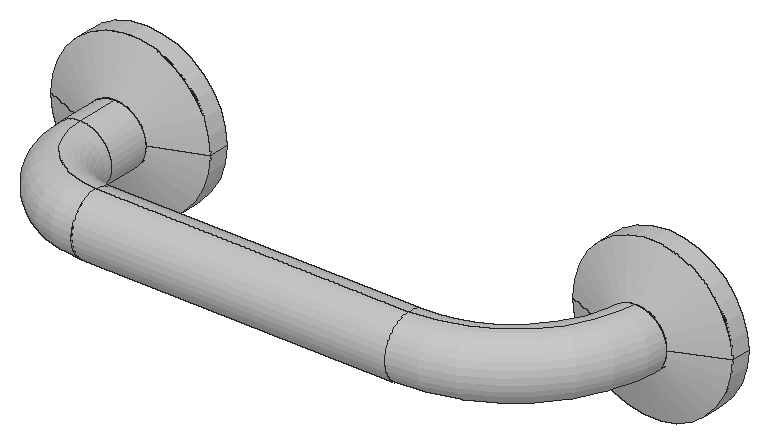
Revit family
Parameters
  Weight Limit = 0
  Warranty Duration (Years) = 0
  Unit Weight = 0
  Unit Length = 0' - 10 5/8"
  URL = "http://www.pontegiulio.com"
  Trim Radius = 0' - 1 5/8"
  Specification = "http://www.arcat.com/sd/clients/pontegiu.html?coid=43483"
  Send Message = "http://www.arcat.com/users.pl?action=UserEmail&company=Ponte%20Giulio&coid=43483&rep=132&fax=877-766-8306&mf="
  Sales Information = "http://www.pontegiulio.it/us/info.php"
  Revision = "R1_01-2010"
  Return Radius = 0' - 1 9/16"
  Product Properties = "http://www.pgdb.it/schede/us/G29JASN101_us.pdf"
  Product Data = "http://www.arcat.com/arcatcos/cos43/arc43483.html"
  Model = "Grab Bar as Specified in 10 28 13"
  Manufacturer's Notes = ""
  Manufacturer Website = "http://www.pontegiulio.com"
  Manufacturer Phone - Toll Free = "877-766-8301 "
  Manufacturer Fax = "877-766-8306"
  Manufacturer Address = "W241 S4021 Rockwood Circle, Waukesha, WI 53189"
  Manufacturer = "Ponte Giulio"
  Maintenance Schedule (Months) = 0
  Keynote = "10 28 13"
  Installation-Fabrication = ""
  Installation Phase = ""
  Green Building-LEED = "http://www.arcat.com/green/clients/leed_data_43483.html"
  Expected Lifespan (Years) = 0
  Drawn By = "Robert S. Weygant, CSI, CDT, SCIP"
  Diameter = 0' - 1 1/4"
  Description = "Grab Bar as Specified in 10 28 13"
  Default Elevation = 2' - 0"
  Copyright = "2010 ARCAT, Inc"
  Construction Details = ""
  Clear Space From Wall = 0' - 2 5/8"
  Building Codes = ""
  Bath Fixture Material [instance] = Colour - N1 - Stainless Steel
  Assembly Code = "C1030200"
  AK_Code Compliance = "UNI"
Reference planes (in)
  plane 1 "Center (Front/Back)": y = 0
  plane 2: z = 0
  plane 3 "Center (Left/Right)": x = 0
  plane 4: x = 10.625
  plane 5: y = -2.625
  plane 6 "Center Elevation": z = 24
  plane 7: y = -3.25
Forms (in)
  Sweep 1, solid, material "Colour - N1 - Stainless Steel" <- "Bath Fixture Material"
    path origin (0, 0, 24) x (1, 0, 0) y (0, 1, 0)
      loop
        line (0, 0) -> (0, -1.6875)
        arc (0, -1.6875) -> (0.45765, -2.79235) -> (1.5625, -3.25) r 1.5625
        line (1.5625, -3.25) -> (7.9375, -3.25)
        arc (7.9375, -3.25) -> (9.83785, -2.46285) -> (10.625, -0.5625) r 2.6875
        line (10.625, -0.5625) -> (10.625, 0)
    profile origin (0, -0.84375, 24) x (1, 0, 0) y (0, 0, 1)
      loop
        circle (0, 0) r 0.625
  Revolve 2, solid, material "Colour - N1 - Stainless Steel" <- "Bath Fixture Material"
    sketch origin (0, 0, 24) x (1, 0, 0) y (0, 1, 0)
      loop
        line (0, 0) -> (0, -0.8125) -> (0.625, -0.8125) -> (1.625, -0.40625) -> (1.625, 0) -> (0, 0)
      axis (0, -0.8125) -> (0, 0)
    angle from 0 to 360
  Revolve 3, solid, material "Colour - N1 - Stainless Steel" <- "Bath Fixture Material"
    sketch origin (48, 0, 24) x (1, 0, 0) y (0, 1, 0)
      loop
        line (-37.375, 0) -> (-37.375, -0.8125) -> (-36.75, -0.8125) -> (-35.75, -0.40625) -> (-35.75, 0) -> (-37.375, 0)
      axis (-37.375, -0.8125) -> (-37.375, 0)
    angle from 0 to 360
Dimensions and locks (in)
  "Unit Length": plane 3 "Center (Left/Right)" to plane 4  (x2)
  locked: Revolve 3 sketch curve to Revolve 3 sketch curve at 0.8125
  "Clear Space From Wall": plane 5 to plane 1 "Center (Front/Back)"
  "Default Elevation": plane 6 "Center Elevation" to level
  equal spacing: Sweep 1 sketch curve, plane 6 "Center Elevation", Sweep 1 sketch curve
  locked: plane 5 to plane 7 at 0.625
  locked: Revolve 2 sketch curve to Revolve 2 sketch curve at 0.8125
  aligned and locked: plane 1 "Center (Front/Back)" to Revolve 3 sketch curve
  aligned and locked: Revolve 3 sketch curve to plane 4
  aligned and locked: plane 1 "Center (Front/Back)" to Revolve 2 sketch curve
  aligned and locked: Revolve 2 sketch curve to plane 3 "Center (Left/Right)"
  aligned and locked: Sweep 1 sketch curve to plane 3 "Center (Left/Right)"
  aligned and locked: plane 4 to Sweep 1 sketch curve
  aligned and locked: plane 6 "Center Elevation" to Revolve 3
  aligned and locked: plane 6 "Center Elevation" to Revolve 2
  aligned and locked: Revolve 2 to Sweep 1 sketch curve
  aligned and locked: Revolve 3 to Sweep 1 sketch curve
  aligned and locked: plane 7 to Sweep 1 sketch curve
Automatic sketch dimensions
  Sweep 1 sketch curve to profile plane = 0' - 0"
  Sweep 1 sketch curve to Sweep 1 sketch curve = 0' - 0 5/8"
  Revolve 2 sketch curve to plane 3 "Center (Left/Right)" = 0' - 0"
  plane 3 "Center (Left/Right)" to Revolve 2 sketch curve = 0' - 0 5/8"
  Revolve 2 sketch curve to Revolve 2 sketch curve = 0' - 1"
  plane 1 "Center (Front/Back)" to Revolve 2 sketch curve = 0' - 0 13/32"
  Revolve 2 sketch curve to plane 5 = 8' - 5.15632"
  Revolve 2 sketch curve to Revolve 2 sketch curve = 2' - 0"
  Revolve 3 sketch curve to plane 4 = 0' - 0"
  Revolve 3 sketch curve to Revolve 3 sketch curve = 0' - 0 5/8"
  plane 1 "Center (Front/Back)" to Revolve 3 sketch curve = 0' - 0 13/32"
  Revolve 3 sketch curve to Revolve 3 sketch curve = 0' - 1"
  Revolve 3 sketch curve to plane 5 = 8' - 5.21882"
  Revolve 3 sketch curve to Revolve 3 sketch curve = 2' - 0"
  plane 3 "Center (Left/Right)" to Sweep 1 sketch curve = 0' - 1 9/16"
  plane 1 "Center (Front/Back)" to Sweep 1 sketch curve = 0' - 0 9/16"
